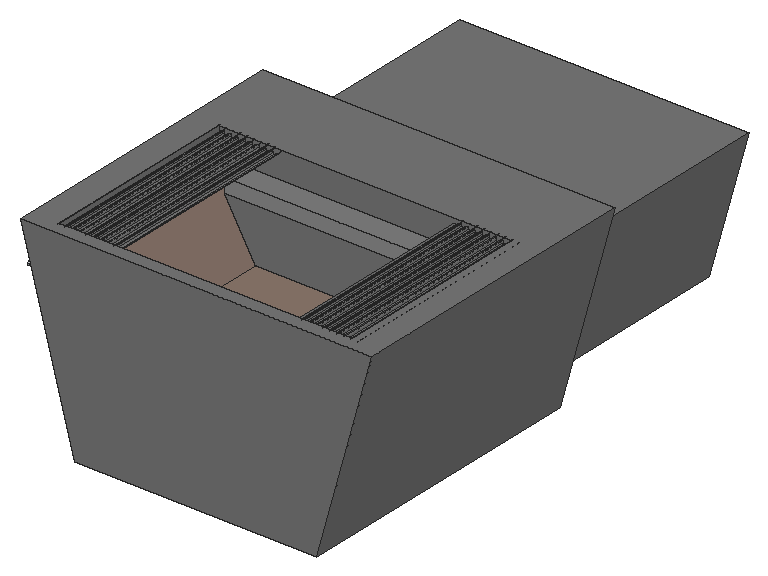
Revit family "Fireplace_Gas_Heatilator_Legacy", category Mechanical Equipment, host Face, Revit 2015
Parameters (values of type "42 x 28.5 Viewing Area LP")
  gasrad [instance] = Gas Connection Diameter / 2  # 0' - 0 1/4"
  exhaustrad [instance] = Exhaust Connection Diameter / 2  # 0' - 4 7/16"
  Warranty Duration (Years) = 0
  Unit Width = 4' - 2 3/8"
  Unit Weight = 0
  Unit Height = 6' - 2 1/8"
  Unit Depth = 2' - 4 1/2"
  URL = "http://www.heatilator.com/"
  Test Data = ""
  Standards Conformance = "UL 307B  ;  ANSI Z21.50-2016  ;  CSA 2.22-2016"
  Specification = "http://www.arcat.com/sdspecs/htm04/10_31_06hea.htm"
  SpecWizard = ""
  Send Message = "http://www.arcat.com/users.pl?action=UserEmail&amp;company=Heatilator<sup><small></small></sup>&amp;coid=49248&amp;rep=144&amp;fax=&amp;mf=95"
  Screen [instance] = LegacyFace : Mesh Screen
  Sales Information = "http://www.heatilator.com/Contact-Us.aspx"
  Revision = "R1_2018-05"
  Recess Into Host [instance] = 2' - 4 1/2"
  Rear Width = 2' - 10 5/8"
  Rear Wall Finish [instance] = Masonry - HHT - Brick as Specified
  Product Properties = ""
  Product Data = "http://www.arcat.com/arcatcos/cos9549/arc49248.html"
  Opening Width = 3' - 6"
  Opening Offset = 0' - 1 7/8"
  Opening Height = 2' - 4 1/2"
  Mounting Height [instance] = 1' - 10.76867"
  Model = "LEGACY42-IFT"
  Manufacturer Website = "http://www.heatilator.com/"
  Manufacturer Phone - Toll Free = "800-927-6841"
  Manufacturer Phone = ""
  Manufacturer Fax = ""
  Manufacturer Address = "7571 215th St. W.  Lakeville, MN 55044"
  Manufacturer = "Heatilator"
  Maintenance Schedule (Months) = 0
  Keynote = "10305"
  Installation-Fabrication = ""
  Installation Phase = ""
  Heating Capacity = "as Specified"
  HVAC_BTU Output = 0.0 Btu/h
  HVAC_BTU Input = 65000.0 Btu/h
  Green Building-LEED = ""
  Glazing Tint [instance] = Glazing - HHT - Clear
  Gas Connection Diameter [instance] = 1/2"
  Fuel Type = "Liquid Petroleum"
  Fuel Consumption = "as Specified"
  Fixture Finish = Metal - HHT - Metallic Black
  Expected Lifespan (Years) = 0
  Exhaust Connection Diameter = 8 7/8"
  Efficiency Ratings = "EnerGuide 19.8"
  Drawn By = "Sumex Design, Inc. / Robert S. Weygant, CSI, CDT, SCIP"
  DoorHeight = 2' - 6 1/2"
  Door Width = 3' - 8"
  Door Finish [instance] = Metal - HHT - Metallic Black
  Description = "Heatilator Gas Burning Fireplace - Legacy as Specified"
  Default Elevation = 0' - 0"
  Copyright = "©Arcat Inc."
  Construction Details = "http://www.arcat.com/details/heatil/heatil.html?coid=49248"
  Building Codes = ""
  Assembly Code = "D3020"
Types (2): name | Fuel Type
  42 x 28.5 Viewing Area NG | "Natural Gas"
  42 x 28.5 Viewing Area LP | "Liquid Petroleum"
Reference planes (in)
  plane 1 "Opening CL": y = 0
  plane 2: z = 0
  plane 3 "Center (Left/Right)": x = 0
  plane 4: z = -28.5
  plane 5 "Front": z = 0
  plane 6: x = -21
  plane 7: x = 21
  plane 8: y = 11.9375
  plane 9 "FF": y = -41.20617
  plane 10: y = -18.4375
  plane 11: y = -16.5625
  plane 12: x = -25.1875
  plane 13: x = 25.1875
  plane 14: y = 25.0625
  plane 15: x = -17.3125
  plane 16: x = 17.3125
  plane 17: y = 54.6875
Forms (in)
  Extrusion 1, void
    sketch origin (0, 0, 0) x (1, 0, 0) y (0, 1, 0)
      loop
        line (25.1875, 25.0625) -> (-25.1875, 25.0625) -> (-25.1875, -18.4375) -> (25.1875, -18.4375) -> (25.1875, 25.0625)
    from -28.5 to 5.63952
  Extrusion 2, solid, material "Metal - HHT - Metallic Black" <- "Fixture Finish"
    sketch origin (-27.60421, 54.6875, 48) x (-1, 0, 0) y (0, 0, 1)
      loop
        circle (-27.60421, -65.5) r 4.4375
    from 1 to 0
  Extrusion 3, solid, material "Metal - HHT - Metallic Black" <- "Fixture Finish"
    sketch origin (-6.5, -18.4375, 48) x (1, 0, 0) y (0, 0, 1)
      loop
        line (-18.6875, -48) -> (-10.8125, -76.5) -> (23.8125, -76.5) -> (31.6875, -48) -> (-18.6875, -48)
    from -1.875 to 0
  Extrusion 4, solid, material "Metal - HHT - Metallic Black" <- "Fixture Finish"
    sketch origin (-6.5, -18.4375, 48) x (1, 0, 0) y (0, 0, 1)
      loop
        line (-18.6875, -48) -> (-10.8125, -76.5) -> (23.8125, -76.5) -> (31.6875, -48) -> (27.5, -48) -> (27.5, -49) -> (19.99445, -62) -> (-6.99445, -62) -> (-14.5, -49) -> (-14.5, -48) -> (-18.6875, -48)
    from -30.375 to -1.875
  Extrusion 5, solid, material "Metal - HHT - Metallic Black" <- "Fixture Finish"
    sketch origin (-6.5, -18.4375, 48) x (1, 0, 0) y (0, 0, 1)
      loop
        line (-18.6875, -48) -> (-10.8125, -76.5) -> (23.8125, -76.5) -> (31.6875, -48) -> (-18.6875, -48)
    from -30.375 to -43.5
  Extrusion 6, solid
    sketch origin (0, 0, 0) x (0, 1, 0) y (0, 0, 1)
      loop
        circle (-16.8125, -6.375) r 0.25
    from -25.1875 to -24.25803
  Extrusion 7, solid, material "Metal - HHT - Metallic Black" <- "Fixture Finish"
    sketch origin (0, 25.0625, 0) x (0, 0, -1) y (1, 0, 0)
      loop
        line (5, -20.6935) -> (25.5, -15.02903) -> (25.5, 15.02903) -> (5, 20.6935) -> (5, -20.6935)
    from 0 to -29.625
  Extrusion 8, solid, material "Metal - HHT - Metallic Black" <- "Fixture Finish"
    sketch origin (0, 0, 0) x (0, 1, 0) y (0, 0, 1)
      loop
        line (11.9375, -3.75) -> (9.98894, -4.875) -> (9, -6.28736) -> (9, -14) -> (11.9375, -14) -> (11.9375, -3.75)
    from -21 to 21
  Extrusion 9, solid, material "Metal - HHT - Metallic Black" <- "Fixture Finish"
    sketch origin (15.02903, 25.0625, -25.5) x (0, 1, 0) y (1, 0, 0)
      loop
        circle (22.875, -15.02903) r 4.4375
    from 0 to 1.14394
Cuts and joins
  joined: Extrusion 3, Extrusion 4, Extrusion 5
Dimensions and locks (in)
  "Recess Into Host": level to plane 4
  "Unit Depth": plane 5 "Front" to plane 4
  equal spacing: plane 6, plane 3 "Center (Left/Right)", plane 7
  "Opening Width": plane 6 to plane 7
  "Mounting Height": plane 10 to plane 9 "FF"
  "Opening Offset": plane 10 to plane 11
  "Opening Height": plane 8 to plane 11
  equal spacing: plane 12, plane 3 "Center (Left/Right)", plane 13
  "Unit Width": plane 12 to plane 13
  locked: Extrusion 2 sketch curve to plane 3 "Center (Left/Right)" at 0
  equal spacing: plane 16, plane 3 "Center (Left/Right)", plane 15
  "Rear Width": plane 16 to plane 15
  locked: plane 5 "Front" to Extrusion 4 sketch curve at 14
  locked: plane 5 "Front" to Extrusion 4 sketch curve at 1  (x2)
  locked: plane 5 "Front" to Extrusion 6 sketch curve at 6.375
  locked: plane 10 to Extrusion 6 sketch curve at 1.625
  locked: Extrusion 2 sketch curve to plane 4 at 11
  locked: plane 10 to plane 14 at 43.5
  locked: plane 10 to plane 17 at 73.125
  locked: plane 5 "Front" to Extrusion 7 sketch curve at 5
  locked: Extrusion 7 sketch curve to plane 4 at 3
  locked: plane 17 to Extrusion 9 sketch curve at 6.75
  "exhaustrad": radius of Extrusion 2 sketch curve
  "gasrad": radius of Extrusion 6 sketch curve
  locked: Extrusion 4 sketch curve to plane 7 (angle 30.00°)
  locked: plane 6 to Extrusion 4 sketch curve (angle 30.00°)
  aligned and locked: plane 2 to host face
  aligned and locked: level to host face
  aligned: Extrusion 1 to plane 5 "Front"
  aligned and locked: Extrusion 1 to plane 4
  aligned and locked: Extrusion 1 sketch curve to plane 10
  aligned and locked: plane 13 to Extrusion 1 sketch curve
  aligned and locked: Extrusion 1 sketch curve to plane 12
  aligned and locked: Extrusion 1 sketch curve to plane 14
  aligned and locked: plane 5 "Front" to Extrusion 3 sketch curve
  aligned and locked: Extrusion 3 sketch curve to plane 4
  aligned and locked: plane 16 to Extrusion 3 sketch curve
  aligned and locked: plane 15 to Extrusion 3 sketch curve
  aligned and locked: Extrusion 3 to plane 10
  aligned: Extrusion 3 to plane 11
  aligned and locked: plane 5 "Front" to Extrusion 4 sketch curve
  aligned and locked: Extrusion 4 sketch curve to plane 5 "Front"
  aligned and locked: plane 15 to Extrusion 4 sketch curve
  aligned and locked: plane 16 to Extrusion 4 sketch curve
  aligned and locked: Extrusion 4 sketch curve to plane 4
  aligned and locked: Extrusion 4 to plane 8
  aligned: Extrusion 4 to plane 11
  aligned and locked: plane 5 "Front" to Extrusion 5 sketch curve
  aligned and locked: plane 15 to Extrusion 5 sketch curve
  aligned and locked: plane 16 to Extrusion 5 sketch curve
  aligned and locked: plane 13 to Extrusion 5 sketch curve
  aligned and locked: plane 12 to Extrusion 5 sketch curve
  aligned and locked: Extrusion 5 to plane 8
  aligned and locked: Extrusion 6 to plane 12
  aligned and locked: Extrusion 5 to plane 14
  aligned and locked: plane 11 to cut or joined group of Extrusion 3, Extrusion 4, Extrusion 5
  aligned and locked: cut or joined group of Extrusion 3, Extrusion 4, Extrusion 5 to plane 11
  aligned and locked: plane 17 to Extrusion 7
  aligned and locked: Extrusion 8 to plane 6
  aligned and locked: Extrusion 8 to plane 7
  aligned and locked: plane 3 "Center (Left/Right)" to nested 1
  aligned and locked: nested 1 to plane 10
Automatic sketch dimensions
  host sketch curve to host sketch curve = 8' - 0"
  host sketch curve to host sketch curve = 14' - 7"
  Extrusion 5 sketch curve to plane 4 = 0' - 0"
  Extrusion 3 sketch curve to plane 12 = 0' - 0"
  Extrusion 3 sketch curve to plane 13 = 0' - 0"
  Extrusion 4 sketch curve to plane 12 = 0' - 0"
  Extrusion 4 sketch curve to plane 6 = 0' - 0"
  Extrusion 4 sketch curve to plane 7 = 0' - 0"
  Extrusion 4 sketch curve to plane 13 = 0' - 0"
  Extrusion 7 sketch curve to plane 7 = 0' - 0.3065"
  Extrusion 7 sketch curve to plane 16 = 0' - 2.28347"
  plane 15 to Extrusion 7 sketch curve = 0' - 2.28347"
  plane 6 to Extrusion 7 sketch curve = 0' - 0.3065"
  Extrusion 8 sketch curve to plane 8 = 0' - 0"
  Extrusion 8 sketch curve to plane 8 = 0' - 1.94856"
  Extrusion 8 sketch curve to plane 8 = 0' - 2 15/16"
  Extrusion 8 sketch curve to level = 1' - 2"
  Extrusion 8 sketch curve to level = 0' - 6.28736"
  Extrusion 8 sketch curve to Extrusion 8 sketch curve = 0' - 1.41236"
  Extrusion 8 sketch curve to Extrusion 8 sketch curve = 0' - 1 1/8"
  Extrusion 7 to Extrusion 9 sketch curve = 1' - 3.02903"
  radius of Extrusion 9 sketch curve = 0' - 4 7/16"
Nested families (in)
  nested 1: "LegacyFace" at (0, -18.4375, 0), frame finish <- "Door Finish", clear material <- "Glazing Tint", Width <- "Door Width", Height <- "DoorHeight", type <- "Screen", type "Mesh Screen"
    with frame finish Metal - HHT - Metallic Black, contourwidth 4' - 3 1/2", contourmidhint 2' - 9 3/4", contourmidh 3' - 3 1/2", contouredgeh 2' - 10 1/2", contourdoormidhint 2' - 9 1/2", contourdoormidh 3' - 2 1/2", contourdooredgeh 2' - 9 1/2", clear material Glazing - HHT - Clear, baseoffset 0' - 0 7/8", built-in parameter 1001301 3' - 8", built-in parameter 1001300 2' - 6 1/2"
Connectors (in)
  hvac at (0, 55.6875, -17.5), driven by "exhaustrad"
    settings: on Extrusion 2, index 2, duct flow 0 CFM, flow factor 0, pres drop 0.00 in-wg, loss coef 0, conn angle 0.00°, conn width 12", conn height 12", conn diameter 8 7/8", duct sys type 3, conn prof type 0, flow config 0, flow direction 2, loss method 0, conn ref index -1, conn util no, is conn primary yes, conn desc "Flue Option"
  piping at (-25.1875, -16.8125, -6.375), diameter 0.5, driven by "gasrad"
    settings: on Extrusion 6, index 6, connector inside diameter 1/2", connector length 0' - 0", flow factor 0, pipe flow 0 GPM, pressure drop 0.00 psi, fitting loss kfactor 0, connector angle 0.00°, fixture units 0, engagement length 0' - 0", angle of deflection 0.00°, flow configuration 0, flow direction 1, fitting loss method 0, system type 29, joint type 0, gender type 0, connector reference index -1, connector utility 0, adjustable connector no, is connector primary yes, connector description "Gas Inlet"
  electrical at (21.25, 3.3125, -14.25)
    settings: on cut or joined group of Extrusion 3, Extrusion 4, Extrusion 5, index 7, voltage 0 V, apparent load 0 VA, apparent load phase1 0 VA, apparent load phase2 0 VA, apparent load phase3 0 VA, power factor 1, load classification "Other", number of poles 1, system type 31, power factor state 1, is connector primary yes, connector utility no, sub classification motor no, connector description ""
  hvac at (0, 47.9375, -26.64394), driven by "exhaustrad"
    settings: on Extrusion 9, index 8, duct flow 0 CFM, flow factor 0, pres drop 0.00 in-wg, loss coef 0, conn angle 0.00°, conn width 12", conn height 12", conn diameter 8 7/8", duct sys type 3, conn prof type 0, flow config 0, flow direction 2, loss method 0, conn ref index -1, conn util no, is conn primary no, conn desc "Flue Option"
Definition of nested family "LegacyFace"
  Parameters (values of type "Grand Vista")
    frame finish [instance] = none
    contourwidth [instance] = Width + 0' 7 1/2"  # 3' - 7 1/2"
    contourmidhint [instance] = contourmidh - 0' 5 3/4"  # 2' - 9 3/4"
    contourmidh [instance] = if(Width > 3' 8", 3' 8 1/8", 3' 3 1/2")  # 3' - 3 1/2"
    contouredgeh [instance] = if(Width > 3' 8", 3' 3", 2' 10 1/2")  # 2' - 10 1/2"
    contourdoormidhint [instance] = contourdoormidh - 0' 5"  # 2' - 9 1/2"
    contourdoormidh [instance] = contourmidh - 0' 1"  # 3' - 2 1/2"
    contourdooredgeh [instance] = contouredgeh - 0' 1"  # 2' - 9 1/2"
    clear material [instance] = none
    baseoffset [instance] = 0' - 0 7/8"  # constant formula
    Width [instance] = 3' - 0"
    Mesh Screen = no
    Mesh Doodads = yes
    Height [instance] = 2' - 4 1/2"
    Default Elevation = 4' - 0"
    Contour = no
    BiFold = no
    Assembly Code = ""
    Double Door = yes
  Types (2): name | Mesh Screen | Mesh Doodads | Height | Double Door
    Grand Vista | no | yes | 2' - 4 1/2" | yes
    Mesh Screen | yes | no | 3' - 2" | no
  Reference planes (in)
    plane 1 "Center (Front/Back)": y = 0
    plane 2: z = 0
    plane 3 "Center (Left/Right)": x = 0
    plane 4: x = -18
    plane 5: x = 18
    plane 6: y = 0.875
    plane 7: y = 29.375
    plane 8: x = -9
    plane 9: x = 9
    plane 10: x = -14.5
    plane 11: x = -16.5
    plane 12: x = -11.0625
    plane 13: x = -7.625
    plane 14: x = -4.1875
    plane 15: x = -0.75
    plane 16: x = 14.5
    plane 17: x = 16.5
    plane 18: x = 11.0625
    plane 19: x = 7.625
    plane 20: x = 4.1875
    plane 21: x = 0.75
  Forms (in)
    Extrusion 1, solid, material <- "clear material", visible <- "BiFold"
      sketch origin (0, 0, 0) x (1, 0, 0) y (0, 1, 0)
        loop
          line (-9.125, 27.375) -> (-18, 27.375) -> (-18, 2.875) -> (-9.125, 2.875) -> (-9.125, 27.375)
        loop
          line (-8.875, 27.375) -> (-8.875, 2.875) -> (-0.6875, 2.875) -> (-0.6875, 27.375) -> (-8.875, 27.375)
        loop
          line (9.125, 27.375) -> (9.125, 2.875) -> (18, 2.875) -> (18, 27.375) -> (9.125, 27.375)
        loop
          line (8.875, 27.375) -> (0.6875, 27.375) -> (0.6875, 2.875) -> (8.875, 2.875) -> (8.875, 27.375)
      from 0.5 to 0.25
    Extrusion 2, solid, material <- "frame finish", visible <- "Double Door"
      sketch origin (0, 0, 0) x (1, 0, 0) y (0, 1, 0)
        loop
          line (-17.69338, 24.51849) -> (-17.69338, 22.26849) -> (-16.44338, 22.26849) -> (-16.44338, 24.51849) -> (-17.69338, 24.51849)
        loop
          line (17.69338, 24.51849) -> (16.44338, 24.51849) -> (16.44338, 22.26849) -> (17.69338, 22.26849) -> (17.69338, 24.51849)
        loop
          line (-17.69338, 7.76849) -> (-17.69338, 5.51849) -> (-16.44338, 5.51849) -> (-16.44338, 7.76849) -> (-17.69338, 7.76849)
        loop
          line (17.69338, 7.76849) -> (16.44338, 7.76849) -> (16.44338, 5.51849) -> (17.69338, 5.51849) -> (17.69338, 7.76849)
      from 0.75 to 1.25
    Extrusion 3, solid, material <- "frame finish", visible <- "Mesh Doodads"
      sketch origin (0, 0, 0) x (1, 0, 0) y (0, 1, 0)
        loop
          line (-1.27485, 2.6259) -> (-3.52485, 2.6259) -> (-3.52485, 2.1259) -> (-1.27485, 2.1259) -> (-1.27485, 2.6259)
        loop
          line (1.27485, 2.6259) -> (1.27485, 2.1259) -> (3.52485, 2.1259) -> (3.52485, 2.6259) -> (1.27485, 2.6259)
      from 0.75 to 1.75
    Extrusion 4, solid, material <- "frame finish", visible <- "Double Door"
      sketch origin (0, 0, 0) x (1, 0, 0) y (0, 1, 0)
        loop
          line (-18, 29.375) -> (-18, 0.875) -> (18, 0.875) -> (18, 29.375) -> (-18, 29.375)
        loop
          line (-17, 28.375) -> (-17, 1.875) -> (17, 1.875) -> (17, 28.375) -> (-17, 28.375)
      from 0 to 0.75
    Extrusion 5, solid, material <- "frame finish", visible <- "Double Door"
      sketch origin (0, 0, 0) x (1, 0, 0) y (0, 1, 0)
        loop
          line (-17, 28.375) -> (-17, 1.875) -> (-0.1875, 1.875) -> (-0.1875, 28.375) -> (-17, 28.375)
        loop
          line (-16, 2.875) -> (-1.31526, 2.875) -> (-0.6875, 3.50276) -> (-0.6875, 26.74724) -> (-1.31526, 27.375) -> (-16, 27.375) -> (-16, 2.875)
        loop
          line (17, 28.375) -> (0.1875, 28.375) -> (0.1875, 1.875) -> (17, 1.875) -> (17, 28.375)
        loop
          line (16, 2.875) -> (16, 27.375) -> (1.31526, 27.375) -> (0.6875, 26.74724) -> (0.6875, 3.50276) -> (1.31526, 2.875) -> (16, 2.875)
      from 0 to 0.75
    Extrusion 6, solid, material <- "clear material", visible <- "Double Door"
      sketch origin (0, 0, 0) x (1, 0, 0) y (0, 1, 0)
        loop
          line (-16, 27.375) -> (-16, 2.875) -> (-0.6875, 2.875) -> (-0.6875, 27.375) -> (-16, 27.375)
        loop
          line (0.6875, 2.875) -> (16, 2.875) -> (16, 27.375) -> (0.6875, 27.375) -> (0.6875, 2.875)
      from 0.25 to 0.5
    Sweep 7, solid, material <- "frame finish", visible <- "Mesh Screen"
      path origin (0, 0, 0) x (1, 0, 0) y (0, 1, 0)
        loop
          line (-18, 0.875) -> (-18, 29.375)
      profile origin (-18, 15.125, 0) x (-1, 0, 0) y (0, 0, 1)
        loop
          arc (-0.25, -0.625) -> (-0.5, -0.375) -> (-0.75, -0.625) r 0.25
          arc (-0.75, -0.625) -> (-1, -0.875) -> (-1.25, -0.625) r 0.25
          arc (-1.25, -0.625) -> (-1.5, -0.375) -> (-1.75, -0.625) r 0.25
          arc (-1.75, -0.625) -> (-2, -0.875) -> (-2.25, -0.625) r 0.25
          arc (-2.25, -0.625) -> (-2.5, -0.375) -> (-2.75, -0.625) r 0.25
          arc (-2.75, -0.625) -> (-3, -0.875) -> (-3.25, -0.625) r 0.25
          arc (-3.25, -0.625) -> (-3.5, -0.375) -> (-3.75, -0.625) r 0.25
          arc (-3.75, -0.625) -> (-4, -0.875) -> (-4.25, -0.625) r 0.25
          arc (-4.25, -0.625) -> (-4.5, -0.375) -> (-4.75, -0.625) r 0.25
          arc (-4.75, -0.625) -> (-5, -0.875) -> (-5.25, -0.625) r 0.25
          arc (-5.25, -0.625) -> (-5.5, -0.375) -> (-5.75, -0.625) r 0.25
          arc (-5.75, -0.625) -> (-6, -0.875) -> (-6.25, -0.625) r 0.25
          arc (-6.25, -0.625) -> (-6.5, -0.375) -> (-6.75, -0.625) r 0.25
          arc (-6.75, -0.625) -> (-7, -0.875) -> (-7.25, -0.625) r 0.25
          arc (-7.25, -0.625) -> (-7.5, -0.375) -> (-7.75, -0.625) r 0.25
          arc (-7.75, -0.625) -> (-8, -0.875) -> (-8.25, -0.625) r 0.25
          arc (-8.25, -0.625) -> (-8.5, -0.375) -> (-8.75, -0.625) r 0.25
          arc (-8.75, -0.625) -> (-9, -0.875) -> (-9.25, -0.625) r 0.25
          line (-9.25, -0.625) -> (-9.3125, -0.625)
          arc (-9.3125, -0.625) -> (-9, -0.9375) -> (-8.6875, -0.625) r 0.3125
          arc (-8.6875, -0.625) -> (-8.5, -0.4375) -> (-8.3125, -0.625) r 0.1875
          arc (-8.3125, -0.625) -> (-8, -0.9375) -> (-7.6875, -0.625) r 0.3125
          arc (-7.6875, -0.625) -> (-7.5, -0.4375) -> (-7.3125, -0.625) r 0.1875
          arc (-7.3125, -0.625) -> (-7, -0.9375) -> (-6.6875, -0.625) r 0.3125
          arc (-6.6875, -0.625) -> (-6.5, -0.4375) -> (-6.3125, -0.625) r 0.1875
          arc (-6.3125, -0.625) -> (-6, -0.9375) -> (-5.6875, -0.625) r 0.3125
          arc (-5.6875, -0.625) -> (-5.5, -0.4375) -> (-5.3125, -0.625) r 0.1875
          arc (-5.3125, -0.625) -> (-5, -0.9375) -> (-4.6875, -0.625) r 0.3125
          arc (-4.6875, -0.625) -> (-4.5, -0.4375) -> (-4.3125, -0.625) r 0.1875
          arc (-4.3125, -0.625) -> (-4, -0.9375) -> (-3.6875, -0.625) r 0.3125
          arc (-3.6875, -0.625) -> (-3.5, -0.4375) -> (-3.3125, -0.625) r 0.1875
          arc (-3.3125, -0.625) -> (-3, -0.9375) -> (-2.6875, -0.625) r 0.3125
          arc (-2.6875, -0.625) -> (-2.5, -0.4375) -> (-2.3125, -0.625) r 0.1875
          arc (-2.3125, -0.625) -> (-2, -0.9375) -> (-1.6875, -0.625) r 0.3125
          arc (-1.6875, -0.625) -> (-1.5, -0.4375) -> (-1.3125, -0.625) r 0.1875
          arc (-1.3125, -0.625) -> (-1, -0.9375) -> (-0.6875, -0.625) r 0.3125
          arc (-0.6875, -0.625) -> (-0.46829, -0.4402) -> (-0.32322, -0.6875) r 0.1875
          line (-0.32322, -0.6875) -> (0, -0.6875) -> (0, -0.625) -> (-0.25, -0.625)
    Sweep 8, solid, material <- "frame finish", visible <- "Mesh Screen"
      path origin (0, 0, 0) x (1, 0, 0) y (0, 1, 0)
        loop
          line (18, 29.375) -> (18, 0.875)
      profile origin (18, 15.125, 0) x (1, 0, 0) y (0, 0, 1)
        loop
          arc (-8.25, -0.625) -> (-8.5, -0.375) -> (-8.75, -0.625) r 0.25
          arc (-8.75, -0.625) -> (-9, -0.875) -> (-9.25, -0.625) r 0.25
          line (-9.25, -0.625) -> (-9.3125, -0.625)
          arc (-9.3125, -0.625) -> (-9, -0.9375) -> (-8.6875, -0.625) r 0.3125
          arc (-8.6875, -0.625) -> (-8.5, -0.4375) -> (-8.3125, -0.625) r 0.1875
          arc (-8.3125, -0.625) -> (-8, -0.9375) -> (-7.6875, -0.625) r 0.3125
          arc (-7.6875, -0.625) -> (-7.5, -0.4375) -> (-7.3125, -0.625) r 0.1875
          arc (-7.3125, -0.625) -> (-7, -0.9375) -> (-6.6875, -0.625) r 0.3125
          arc (-6.6875, -0.625) -> (-6.5, -0.4375) -> (-6.3125, -0.625) r 0.1875
          arc (-6.3125, -0.625) -> (-6, -0.9375) -> (-5.6875, -0.625) r 0.3125
          arc (-5.6875, -0.625) -> (-5.5, -0.4375) -> (-5.3125, -0.625) r 0.1875
          arc (-5.3125, -0.625) -> (-5, -0.9375) -> (-4.6875, -0.625) r 0.3125
          arc (-4.6875, -0.625) -> (-4.5, -0.4375) -> (-4.3125, -0.625) r 0.1875
          arc (-4.3125, -0.625) -> (-4, -0.9375) -> (-3.6875, -0.625) r 0.3125
          arc (-3.6875, -0.625) -> (-3.5, -0.4375) -> (-3.3125, -0.625) r 0.1875
          arc (-3.3125, -0.625) -> (-3, -0.9375) -> (-2.6875, -0.625) r 0.3125
          arc (-2.6875, -0.625) -> (-2.5, -0.4375) -> (-2.3125, -0.625) r 0.1875
          arc (-2.3125, -0.625) -> (-2, -0.9375) -> (-1.6875, -0.625) r 0.3125
          arc (-1.6875, -0.625) -> (-1.5, -0.4375) -> (-1.3125, -0.625) r 0.1875
          arc (-1.3125, -0.625) -> (-1, -0.9375) -> (-0.6875, -0.625) r 0.3125
          arc (-0.6875, -0.625) -> (-0.46829, -0.4402) -> (-0.32322, -0.6875) r 0.1875
          line (-0.32322, -0.6875) -> (0, -0.6875) -> (0, -0.625) -> (-0.25, -0.625)
          arc (-0.25, -0.625) -> (-0.5, -0.375) -> (-0.75, -0.625) r 0.25
          arc (-0.75, -0.625) -> (-1, -0.875) -> (-1.25, -0.625) r 0.25
          arc (-1.25, -0.625) -> (-1.5, -0.375) -> (-1.75, -0.625) r 0.25
          arc (-1.75, -0.625) -> (-2, -0.875) -> (-2.25, -0.625) r 0.25
          arc (-2.25, -0.625) -> (-2.5, -0.375) -> (-2.75, -0.625) r 0.25
          arc (-2.75, -0.625) -> (-3, -0.875) -> (-3.25, -0.625) r 0.25
          arc (-3.25, -0.625) -> (-3.5, -0.375) -> (-3.75, -0.625) r 0.25
          arc (-3.75, -0.625) -> (-4, -0.875) -> (-4.25, -0.625) r 0.25
          arc (-4.25, -0.625) -> (-4.5, -0.375) -> (-4.75, -0.625) r 0.25
          arc (-4.75, -0.625) -> (-5, -0.875) -> (-5.25, -0.625) r 0.25
          arc (-5.25, -0.625) -> (-5.5, -0.375) -> (-5.75, -0.625) r 0.25
          arc (-5.75, -0.625) -> (-6, -0.875) -> (-6.25, -0.625) r 0.25
          arc (-6.25, -0.625) -> (-6.5, -0.375) -> (-6.75, -0.625) r 0.25
          arc (-6.75, -0.625) -> (-7, -0.875) -> (-7.25, -0.625) r 0.25
          arc (-7.25, -0.625) -> (-7.5, -0.375) -> (-7.75, -0.625) r 0.25
          arc (-7.75, -0.625) -> (-8, -0.875) -> (-8.25, -0.625) r 0.25
    Extrusion 9, solid, material <- "frame finish", visible <- "Double Door"
      sketch origin (0, 0, 0) x (1, 0, 0) y (0, 1, 0)
        loop
          line (-16.44338, 24.51849) -> (-16.44338, 22.26849) -> (-15.94338, 22.26849) -> (-15.44338, 22.76849) -> (-15.44338, 24.01849) -> (-15.94338, 24.51849) -> (-16.44338, 24.51849)
        loop
          line (16.44338, 24.51849) -> (15.94338, 24.51849) -> (15.44338, 24.01849) -> (15.44338, 22.76849) -> (15.94338, 22.26849) -> (16.44338, 22.26849) -> (16.44338, 24.51849)
        loop
          line (-16.44338, 7.76849) -> (-16.44338, 5.51849) -> (-15.94338, 5.51849) -> (-15.44338, 6.01849) -> (-15.44338, 7.26849) -> (-15.94338, 7.76849) -> (-16.44338, 7.76849)
        loop
          line (16.44338, 7.76849) -> (15.94338, 7.76849) -> (15.44338, 7.26849) -> (15.44338, 6.01849) -> (15.94338, 5.51849) -> (16.44338, 5.51849) -> (16.44338, 7.76849)
      from 0.75 to 0.88585
    Extrusion 10, solid, material <- "frame finish", visible <- "Double Door"
      sketch origin (0, 0, 0) x (1, 0, 0) y (0, 1, 0)
        loop
          line (-0.3125, 28.375) -> (-0.3125, 1.875) -> (0.3125, 1.875) -> (0.3125, 28.375) -> (-0.3125, 28.375)
      from 0 to 0.80679
  Dimensions and locks (in)
    equal spacing: plane 4, plane 3 "Center (Left/Right)", plane 5
    "Width": plane 4 to plane 5
    "baseoffset": plane 1 "Center (Front/Back)" to plane 6
    "Height": plane 7 to plane 6
    equal spacing: plane 4, plane 8, plane 3 "Center (Left/Right)"
    equal spacing: plane 3 "Center (Left/Right)", plane 9, plane 5
    Extrusion 1 sketch curve to plane 8 to Extrusion 1 sketch curve = 0' - 0 1/8" locked, 0' - 0 1/8" locked
    Extrusion 1 sketch curve to plane 9 to Extrusion 1 sketch curve = 0' - 0 1/8" locked, 0' - 0 1/8" locked
    Extrusion 1 sketch curve to plane 3 "Center (Left/Right)" to Extrusion 1 sketch curve = 0' - 0 11/16" locked, 0' - 0 11/16" locked
    Extrusion 3 sketch curve to Extrusion 3 sketch curve to plane 3 "Center (Left/Right)" = 0' - 2 1/4" locked, 0' - 1.27485" locked
    plane 3 "Center (Left/Right)" to Extrusion 3 sketch curve to Extrusion 3 sketch curve = 0' - 1.27485" locked, 0' - 2 1/4" locked
    Extrusion 5 sketch curve to Extrusion 5 sketch curve to plane 3 "Center (Left/Right)" = 0' - 0 1/2" locked, 0' - 0 3/16" locked
    plane 3 "Center (Left/Right)" to Extrusion 5 sketch curve to Extrusion 5 sketch curve = 0' - 0 3/16" locked, 0' - 0 1/2" locked
    Extrusion 6 sketch curve to plane 3 "Center (Left/Right)" to Extrusion 6 sketch curve = 0' - 0 11/16" locked, 0' - 0 11/16" locked
    Extrusion 9 sketch curve to Extrusion 9 sketch curve to Extrusion 9 sketch curve to Extrusion 9 sketch curve to plane 6 = 0' - 0 1/2" locked, 0' - 1 1/4" locked, 0' - 0 1/2" locked, 0' - 4.64349" locked
    plane 4 to Extrusion 9 sketch curve to Extrusion 9 sketch curve to Extrusion 9 sketch curve = 0' - 1.55662" locked, 0' - 0 1/2" locked, 0' - 0 1/2" locked  (x2)
    Extrusion 9 sketch curve to Extrusion 9 sketch curve to Extrusion 9 sketch curve to plane 5 = 0' - 0 1/2" locked, 0' - 0 1/2" locked, 0' - 1.55662" locked  (x2)
    plane 7 to Extrusion 9 sketch curve to Extrusion 9 sketch curve to Extrusion 9 sketch curve to Extrusion 9 sketch curve = 0' - 4.85651" locked, 0' - 0 1/2" locked, 0' - 1 1/4" locked, 0' - 0 1/2" locked  (x2)
    plane 7 to Extrusion 5 sketch curve to Extrusion 5 sketch curve = 0' - 2" locked, 0' - 0.62776" locked  (x2)
    Extrusion 5 sketch curve to Extrusion 5 sketch curve to plane 6 = 0' - 0.62776" locked, 0' - 2" locked  (x2)
    locked: Extrusion 10 sketch curve to plane 6 at 1
    locked: plane 7 to Extrusion 10 sketch curve at 1
    locked: plane 4 to plane 11 at 1.5
    locked: plane 11 to plane 10 at 2
    locked: plane 15 to plane 3 "Center (Left/Right)" at 0.75
    equal spacing: plane 10, plane 12, plane 13, plane 14, plane 15
    locked: plane 17 to plane 16 at 2
    equal spacing: plane 16, plane 18, plane 19, plane 20, plane 21
    locked: plane 17 to plane 5 at 1.5
    locked: plane 3 "Center (Left/Right)" to plane 21 at 0.75
    aligned and locked: plane 2 to level
    aligned and locked: plane 7 to Sweep 7 sketch curve
    aligned and locked: plane 4 to Sweep 7 sketch curve
    aligned and locked: plane 6 to Sweep 8 sketch curve
    aligned and locked: Sweep 8 sketch curve to plane 5
    aligned and locked: plane 7 to Sweep 8 sketch curve
    aligned and locked: plane 4 to Extrusion 1 sketch curve
    aligned and locked: plane 5 to Extrusion 1 sketch curve
  Automatic sketch dimensions
    plane 4 to Extrusion 2 sketch curve = 0' - 0.30662"  (x2)
    Extrusion 2 sketch curve to Extrusion 2 sketch curve = 0' - 1 1/4"  (x2)
    Extrusion 2 sketch curve to plane 5 = 0' - 1.55662"  (x2)
    Extrusion 2 sketch curve to plane 5 = 0' - 0.30662"  (x2)
    plane 6 to Extrusion 2 sketch curve = 0' - 4.64349"  (x2)
    Extrusion 2 sketch curve to Extrusion 2 sketch curve = 0' - 2 1/4"  (x4)
    Extrusion 2 sketch curve to plane 7 = 0' - 7.10651"  (x2)
    plane 6 to Extrusion 3 sketch curve = 0' - 1.7509"
    plane 6 to Extrusion 3 sketch curve = 0' - 1.2509"
    Extrusion 3 sketch curve to Extrusion 3 sketch curve = 0' - 0 1/2"  (x2)
    Extrusion 4 sketch curve to plane 4 = 0' - 0"
    Extrusion 4 sketch curve to plane 5 = 0' - 0"
    Extrusion 4 sketch curve to plane 6 = 0' - 0"
    Extrusion 4 sketch curve to plane 7 = 0' - 0"
    plane 4 to Extrusion 4 sketch curve = 0' - 1"
    Extrusion 4 sketch curve to plane 5 = 0' - 1"
    plane 6 to Extrusion 4 sketch curve = 0' - 1"
    Extrusion 4 sketch curve to plane 7 = 0' - 1"
    plane 4 to Extrusion 6 sketch curve = 0' - 2"
    Extrusion 6 sketch curve to plane 5 = 0' - 2"
    plane 6 to Extrusion 6 sketch curve = 0' - 2"  (x2)
    Extrusion 6 sketch curve to plane 7 = 0' - 2"
    Extrusion 6 sketch curve to Extrusion 6 sketch curve = 0' - 0"
    Sweep 7 sketch curve to plane 6 = 0' - 0"
    Sweep 7 sketch curve to Sweep 7 sketch curve = 0' - 0"  (x70)
    Sweep 7 sketch curve to profile plane = 0' - 0"
    profile plane to Sweep 7 sketch curve = 0' - 0 1/4"
    Sweep 7 sketch curve to Sweep 7 sketch curve = 0' - 0.07322"
    Sweep 7 sketch curve to Sweep 7 sketch curve = 0' - 0.17678"
    Sweep 7 sketch curve to Sweep 7 sketch curve = 0' - 0 1/16"
    Sweep 7 sketch curve to Sweep 7 sketch curve = 0' - 0 1/4"  (x9)
    Sweep 7 sketch curve to Sweep 7 sketch curve = 0' - 0 3/16"  (x8)
    Sweep 7 sketch curve to level = 0' - 0 11/16"
    Sweep 8 sketch curve to Sweep 8 sketch curve = 0' - 0"  (x70)
    profile plane to Sweep 8 sketch curve = 0' - 0"
    profile plane to Sweep 8 sketch curve = 0' - 0 1/4"
    Sweep 8 sketch curve to Sweep 8 sketch curve = 0' - 0.07322"
    Sweep 8 sketch curve to Sweep 8 sketch curve = 0' - 0.17678"
    Sweep 8 sketch curve to Sweep 8 sketch curve = 0' - 0 1/16"
    Sweep 8 sketch curve to Sweep 8 sketch curve = 0' - 0 1/4"  (x9)
    Sweep 8 sketch curve to Sweep 8 sketch curve = 0' - 0 3/16"  (x8)
    Sweep 8 sketch curve to level = 0' - 0 11/16"
    Extrusion 9 sketch curve to Extrusion 9 sketch curve = 0' - 0 1/2"  (x6)
    plane 6 to Extrusion 9 sketch curve = 0' - 4.64349"
    Extrusion 9 sketch curve to Extrusion 9 sketch curve = 0' - 1 1/4"
    plane 4 to Extrusion 5 sketch curve = 0' - 2"
    plane 4 to Extrusion 5 sketch curve = 0' - 1"
    Extrusion 5 sketch curve to plane 5 = 0' - 2"
    Extrusion 5 sketch curve to plane 5 = 0' - 1"
    Extrusion 5 sketch curve to Extrusion 5 sketch curve = 0' - 1"  (x2)
    Extrusion 5 sketch curve to plane 7 = 0' - 1"
    Extrusion 5 sketch curve to Extrusion 5 sketch curve = 0' - 0"
    Extrusion 5 sketch curve to Extrusion 5 sketch curve = 0' - 0.62776"  (x4)
    Extrusion 10 sketch curve to plane 3 "Center (Left/Right)" = 0' - 0 5/16"
    plane 3 "Center (Left/Right)" to Extrusion 10 sketch curve = 0' - 0 5/16"
    plane 6 to Extrusion 1 sketch curve = 0' - 2"  (x3)
    Extrusion 1 sketch curve to Extrusion 1 sketch curve = 0' - 0"  (x3)
    Extrusion 1 sketch curve to plane 7 = 0' - 2"  (x2)
